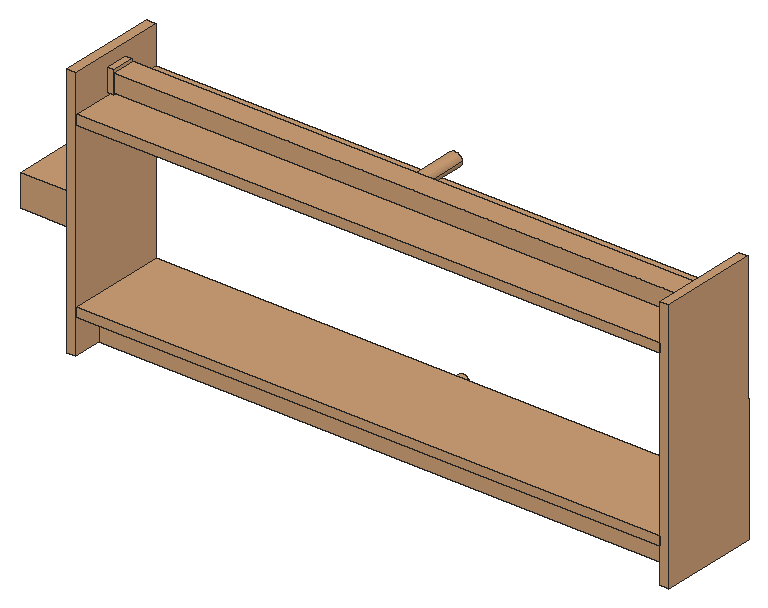
Revit family
Parameters
  Center Of Unit = 0' - 0"  # constant formula
  Water Pressure Drop [instance] = 0.00 psi
  Water Flow [instance] = 0 GPM
  Unit Weight (lbs) = 976
  URL = "http://www.ljwing.com/"
  Water Outlet Radius = 0' - 1 1/2"
  Water Outlet Odd sizes = 0' - 0"
  Total Heating Capacity [instance] = 0.0 Btu/h
  Temperature Rise [instance] = 0 °F
  Series = "VIFB"
  Outlet Area = 32.20 SF
  Number of Rows = 1  # constant formula
  Number of Coils [instance] = 0
  Nominal Length = 11' - 0 5/8"
  Model = "VB-12"
  Manufacturer = "LJ Wing"
  Leaving Water Temperature [instance] = 0 °F
  Leaving Air Temperature [instance] = 0 °F
  Face Velocity (FPM) [instance] = 0
  Entering Water Temperature [instance] = 0 °F
  Entering Air Temperature [instance] = 0 °F
  Description = "Vertical Integral Face & Bypass Water Heating Coils"
  Hot Water Odd Sizes = 0' - 0"
  Hot Water Inlet Offset = 0' - 4 3/8"  # constant formula
  Hot Water Inlet  Radius = 0' - 1 1/2"
  Coil Face Area = Outlet Area * 0.56  # 18.032 SF
  Casing Material = ""
  Assembly Code = "D3020300"
  Air Pressure Drop [instance] = 0.00 in-wg
  Air Inlet Width = Nominal Length - 0' 4"  # 10' - 8 5/8"
  Air Inlet Height = Y  # 3' - 0"
  Air Flow [instance] = 0 CFM
  Z = 0' - 2 1/8"
  Y = 3' - 0"
  S = 0' - 9 3/4"
  Product URL = "http://www.ljwing.com/html/vifb.asp"
  OmniClass = "23-75 70 21 14"
  Nominal Height = 4' - 8"
  Nominal Depth = 1' - 10"
  R = 0' - 10 1/4"
  Q = 0' - 3 5/16"
  P = 0' - 5 1/8"
  L = 0' - 5 15/16"
Reference planes (in)
  plane 1 "Center (Front/Back)": y = 0
  plane 2: z = -18
  plane 3 "Center (Left/Right)": x = 0
  plane 4: z = 28.25
  plane 5: x = -66.3125
  plane 6: x = 66.3125
  plane 7: z = -27.75
  plane 8: z = 0
  plane 9: y = -11
  plane 10: y = 11
  plane 11: z = 18
  plane 12: z = 20
  plane 13: z = -20
  plane 14: x = 64.3125
  plane 15: x = -64.3125
  plane 16: z = 23.125
  plane 17: z = -21.8125
  plane 18: x = -63
  plane 19: x = 63
  plane 20: y = 13.125
  plane 21: y = 15.375
  plane 22: x = -77.3125
  plane 23: x = 0
  plane 24: x = 0
  plane 25: z = 25.125
  plane 26: z = 21.125
  plane 27: y = -2.5
  plane 28: y = 2.5
  plane 29: y = -4.5
Forms (in)
  Extrusion 1, solid, material "Painted Finish"
    sketch origin (0, 6, -9.75) x (1, 0, 0) y (0, 0, 1)
      loop
        line (-66.3125, -18) -> (-64.3125, -18) -> (-64.3125, 38) -> (-66.3125, 38) -> (-66.3125, -18)
      loop
        line (66.3125, -18) -> (66.3125, 38) -> (64.3125, 38) -> (64.3125, -18) -> (66.3125, -18)
    from -5 to 17
  Extrusion 2, solid, material "Painted Finish"
    sketch origin (0, 6, 0) x (1, 0, 0) y (0, 0, 1)
      loop
        line (64.3125, -18) -> (-64.3125, -18) -> (-64.3125, -20) -> (64.3125, -20) -> (64.3125, -18)
      loop
        line (64.3125, 18) -> (64.3125, 20) -> (-64.3125, 20) -> (-64.3125, 18) -> (64.3125, 18)
    from -5 to 17
  Extrusion 3, solid, material "Painted Finish"
    sketch origin (0, 10, -0.5) x (1, 0, 0) y (0, 0, 1)
      loop
        line (-66.3125, 4) -> (-77.3125, 4) -> (-77.3125, -3) -> (-66.3125, -3) -> (-66.3125, 4)
    from 0 to 20
  Extrusion 4, solid, material "Painted Finish"
    sketch origin (0, 6, 0) x (1, 0, 0) y (0, 0, 1)
      loop
        line (-62.6875, 25.125) -> (-62.6875, 21.125) -> (62.6875, 21.125) -> (62.6875, 25.125) -> (-62.6875, 25.125)
    from 3.5 to 8.5
  Extrusion 5, solid, material "Painted Finish"
    sketch origin (0, 0, 0) x (1, 0, 0) y (0, 0, 1)
      loop
        line (-62.6875, 20.625) -> (-62.6875, 25.625) -> (-64.3125, 25.625) -> (-64.3125, 20.625) -> (-62.6875, 20.625)
      loop
        line (64.3125, 20.625) -> (64.3125, 25.625) -> (62.6875, 25.625) -> (62.6875, 20.625) -> (64.3125, 20.625)
    from -2.5 to 2.5
  Extrusion 6, solid, material "Painted Finish"
    sketch origin (0, 23, 0) x (1, 0, 0) y (0, 0, 1)
      loop
        circle (0, 23.125) r 1.5
    from 9.875 to 20.5
  Extrusion 7, solid, material "Painted Finish"
    sketch origin (0, 6, 0) x (1, 0, 0) y (0, 0, 1)
      loop
        line (-64.3125, -20) -> (-64.3125, -27.75) -> (64.3125, -27.75) -> (64.3125, -20) -> (-64.3125, -20)
    from -5 to 10.5
  Extrusion 8, solid, material "Painted Finish"
    sketch origin (0, 23, 0) x (1, 0, 0) y (0, 0, 1)
      loop
        circle (0, -21.8125) r 1.5
    from 7.625 to 12
  Extrusion 9, void
    sketch origin (0, 0, 0) x (1, 0, 0) y (0, 0, 1)
      loop
        line (-64.3125, 18) -> (-64.3125, -18) -> (64.3125, -18) -> (64.3125, 18) -> (-64.3125, 18)
    from -11 to 11
Cuts and joins
  Extrusion 9 cuts Extrusion 1
  Extrusion 9 cuts Extrusion 2
Dimensions and locks (in)
  "Nominal Length": plane 6 to plane 5
  equal spacing: plane 6, plane 3 "Center (Left/Right)", plane 5
  "S": plane 2 to plane 7
  "Nominal Depth": plane 10 to plane 9
  equal spacing: plane 10, plane 1 "Center (Front/Back)", plane 9
  "Y": plane 11 to plane 2
  "R": plane 4 to plane 11
  locked: plane 12 to plane 11 at 2
  locked: plane 2 to plane 13 at 2
  "P": plane 4 to plane 16
  "L": plane 17 to plane 7
  "Q": plane 18 to plane 5
  "Q": plane 6 to plane 19
  "Z": plane 20 to plane 10
  "Hot Water Inlet Offset": plane 21 to plane 10
  locked: plane 5 to plane 22 at 11
  locked: Extrusion 3 sketch curve to Extrusion 3 sketch curve at 7
  locked: Extrusion 3 to Extrusion 3 at 20
  locked: plane 6 to plane 14 at 2
  locked: plane 15 to plane 5 at 2
  "Water Outlet Odd sizes": plane 23 to plane 3 "Center (Left/Right)"
  "Hot Water Odd Sizes": plane 3 "Center (Left/Right)" to plane 24
  equal spacing: plane 25, plane 16, plane 26
  locked: Extrusion 5 sketch curve to plane 25 at 0.5
  locked: plane 26 to Extrusion 5 sketch curve at 0.5
  locked: Extrusion 6 sketch curve to plane 16 at 0
  locked: Extrusion 6 sketch curve to plane 23 at 0
  locked: Extrusion 8 sketch curve to plane 17 at 0
  locked: Extrusion 8 sketch curve to plane 24 at 0
  locked: plane 25 to plane 26 at 4
  locked: plane 28 to plane 27 at 5
  equal spacing: plane 28, plane 1 "Center (Front/Back)", plane 27
  locked: plane 27 to plane 29 at 2
  plane 4 to plane 7 = 4' - 8"
  locked: Extrusion 5 sketch curve to Extrusion 1 at 1.625
  locked: Extrusion 5 sketch curve to Extrusion 5 sketch curve at 1.625
  locked: Extrusion 9 sketch curve to plane 11 at 0
  locked: Extrusion 9 sketch curve to plane 15 at 0
  locked: Extrusion 9 sketch curve to plane 14 at 0
  locked: Extrusion 9 sketch curve to plane 2 at 0
  equal spacing: plane 11, plane 8, plane 2
  "Water Outlet Radius": radius of Extrusion 6 sketch curve
  "Hot Water Inlet  Radius": radius of Extrusion 8 sketch curve
  aligned and locked: Extrusion 1 to plane 9
  aligned and locked: Extrusion 1 to plane 10
  aligned and locked: plane 15 to Extrusion 1
  aligned and locked: Extrusion 1 to plane 14
  aligned and locked: plane 9 to Extrusion 2
  aligned and locked: plane 9 to Extrusion 1
  aligned and locked: plane 10 to Extrusion 1  (x2)
  aligned and locked: Extrusion 2 to plane 10
  aligned and locked: plane 10 to Extrusion 2  (x2)
  aligned and locked: Extrusion 2 to plane 9  (x2)
  aligned and locked: plane 5 to Extrusion 3
  aligned and locked: Extrusion 5 sketch curve to plane 15
  aligned and locked: Extrusion 5 sketch curve to Extrusion 4
  aligned and locked: Extrusion 6 to plane 20
  aligned and locked: Extrusion 1 to Extrusion 7
  aligned and locked: plane 10 to Extrusion 8
  aligned and locked: Extrusion 8 to plane 21  (x2)
  aligned and locked: plane 27 to Extrusion 5
  aligned and locked: Extrusion 5 to Extrusion 4  (x2)
  aligned and locked: Extrusion 5 to plane 28
  aligned and locked: Extrusion 6 to Extrusion 4
  aligned and locked: Extrusion 7 to plane 29  (x2)
  aligned and locked: Extrusion 8 to Extrusion 7
  aligned and locked: Extrusion 4 to Extrusion 5  (x2)
  aligned and locked: Extrusion 5 to Extrusion 1  (x2)
  aligned and locked: plane 2 to Extrusion 2
  aligned and locked: plane 6 to Extrusion 1 sketch curve
  aligned and locked: plane 14 to Extrusion 1 sketch curve
  aligned and locked: Extrusion 1 sketch curve to plane 15
  aligned and locked: Extrusion 1 sketch curve to plane 5
  aligned and locked: plane 7 to Extrusion 1 sketch curve
  aligned and locked: Extrusion 1 sketch curve to plane 7
  aligned and locked: Extrusion 1 sketch curve to plane 4
  aligned and locked: plane 4 to Extrusion 1 sketch curve
  aligned and locked: Extrusion 2 sketch curve to plane 11
  aligned and locked: Extrusion 2 sketch curve to plane 12
  aligned and locked: Extrusion 2 sketch curve to plane 14  (x2)
  aligned and locked: Extrusion 2 sketch curve to plane 15  (x2)
  aligned and locked: Extrusion 2 sketch curve to plane 13
  aligned and locked: plane 2 to Extrusion 2 sketch curve
  aligned and locked: Extrusion 7 sketch curve to plane 13
  aligned and locked: Extrusion 7 sketch curve to plane 7
  aligned and locked: Extrusion 7 sketch curve to plane 14
  aligned and locked: plane 15 to Extrusion 7 sketch curve
  aligned and locked: cut or joined group of Extrusion 1, Extrusion 9 to plane 10
Automatic sketch dimensions
  Extrusion 3 sketch curve to plane 22 = 0' - 0"
  Extrusion 3 sketch curve to plane 5 = 0' - 0"
  plane 8 to Extrusion 3 sketch curve = 0' - 3 1/2"
  Extrusion 4 sketch curve to plane 25 = 0' - 0"
  Extrusion 4 sketch curve to plane 26 = 0' - 0"
  plane 18 to Extrusion 4 sketch curve = 0' - 0 5/16"
  Extrusion 4 sketch curve to plane 19 = 0' - 0 5/16"
  plane 26 to Extrusion 5 sketch curve = 0' - 0 1/2"
  Extrusion 5 sketch curve to plane 25 = 0' - 0 1/2"
Connectors (in)
  hvac at (0, -11, 0), driven by "Air Inlet Height", driven by "Air Inlet Width", driven by "Air Flow", driven by "Air Pressure Drop"
    settings: on Extrusion 9, index 1
  hvac at (0, 11, 0), driven by "Air Pressure Drop", driven by "Air Inlet Height", driven by "Air Inlet Width", driven by "Air Flow"
    settings: on Extrusion 9, index 2
  piping at (0, 13.125, 23.125), driven by "Water Flow", driven by "Water Outlet Radius", driven by "Water Pressure Drop"
    settings: on Extrusion 6, index 3
  piping at (0, 15.375, -21.8125), driven by "Water Flow", driven by "Water Pressure Drop", driven by "Hot Water Inlet  Radius"
    settings: on Extrusion 8, index 4
